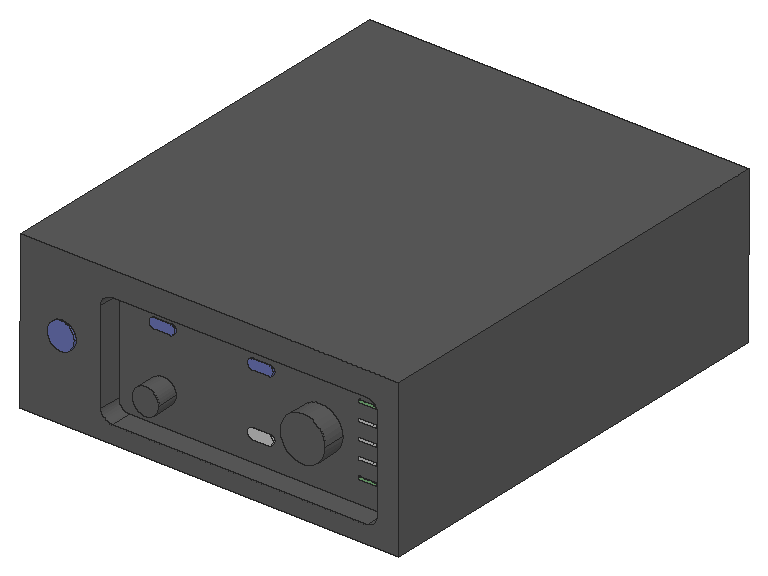
Revit family "1Electronics_Amplifier_Biamp_Commercial-Audio-Mixing-Amplifiers_MA30_MA60", category Communication Devices, host Face, Revit 2020
Family settings
  Host = Face
  Maintain Annotation Orientation = No
  Round Connector Dimension = Use Diameter
  Part Type = Normal
  OmniClass Number = 23.85.10.11.14
  OmniClass Title = Audio Equipment
  Cut with Voids When Loaded = No
  Shared = No
  Room Calculation Point = No
Parameters (values of type "MA30")
  Width = 0' - 8.50394"  # constant formula
  Weight = 5.29109 lbf  # constant formula
  Voltage = 120 V  # constant formula
  UTMK-1 = UTMK-1 : UTMK-1
  URL = "https://www.biamp.com/"
  Topology = "Class D"  # constant formula
  Time to Auto Standby = "10 min"  # constant formula
  Temperature Range = "32 - 95° F (0 – 35° C) "  # constant formula
  THD+N (@ -6dB) = "< 0.5%"  # constant formula
  SNR (1% THD) = "> 90 dB"  # constant formula
  Rotation Angle [instance] = if(or([Nominal RMK-1], [Nominal RMK-2]), 0.00°, 90.00°)  # 90.00°
  RMS Output Power (1% THD) = "30 W"  # constant formula
  RMK-2 = RMK-2 : RMK-2
  RMK-1 = RMK-1 : RMK-1
  Protection = "Temperature, overcurrent,overvoltage, undervoltage"  # constant formula
  Product data url = "https://www.bimobject.com/biamp/product/ma30_commercial-audio-mixing-amplifier"
  Product Page URL = "https://www.biamp.com/products/product-families/commercial-audio/mixing-amplifiers#ma30"
  Product Documentation Link = "https://downloads.biamp.com/assets/docs/default-source/data-sheets/biamp_data_sheet_ma30_feb21.pdf"
  Priority Output Contact = "Yes"  # constant formula
  Power Factor = 1
  Output Connectors = "4-pin, 0.3 inch (7.6 mm) Euroblock"  # constant formula
  Offset_X [instance] = if([Nominal RMK-1], 0' 4.80315", if([Nominal RMK-2], 0' 4.80315", if([Nominal UTMK-1], 0' 0", if(Nominal No mount, 0' 0", 0' 0"))))  # 0' - 0"
  Offset [instance] = if([Nominal RMK-1], 0' 0", if([Nominal RMK-2], 0' 0", if([Nominal UTMK-1], 0' 0", if(Nominal No mount, 0' 0.3937", 0' 0"))))  # 0' - 0.3937"
  Number of Poles = 1
  Number of Output Channels = "1"  # constant formula
  Nominal UTMK-1 [instance] = Mount Type = [UTMK-1]  # no
  Nominal RMK-2 [instance] = Mount Type = [RMK-2]  # no
  Nominal RMK-1 [instance] = Mount Type = [RMK-1]  # no
  Nominal No mount [instance] = Mount Type = No mount  # yes
  Mount Type [instance] = No mount : No mount
  No mount = No mount : No mount
  Model = "MA30"
  Minimum Operational Load = "4Ω"  # constant formula
  Mic (RCA) = "-46 dBV (5 mVrms ± 10%)"  # constant formula
  Mic (Balanced, VOX of) = "-70 dBV (0.3 mVrms ± 10%)"  # constant formula
  Max Power Consumption = 60 W
  Manufacturer = "Biamp"  # constant formula
  Low Impedance Mode = "Yes"  # constant formula
  Inputs 1-2 = "-44 dBV (6 mVrms ± 10%)"  # constant formula
  Humidity = "0-95% relative humidity (non-condensing)"  # constant formula
  Housing Material = Biamp - Metal - Black
  Height = 0' - 3.50394"  # constant formula
  Front Panel Indicators = "Signal present, clipping, overload condition, emergency mode active, paging active, VOX active"  # constant formula
  Dynamic Power = "35 W"  # constant formula
  Description = "MA30 30W Mixing Amplifier"
  Depth = 0' - 9.84252"  # constant formula
  Default Elevation = 4' - 0"
  Cooling = "Convection"  # constant formula
  Connector Description = "100-240V/50-60Hz/60W"
  Compliance = "FCC Part 15B (USA) UL listed (USA and Canada) CE Marked (Europe) RoHS Directive (Europe)"  # constant formula
  Apparent Load = Max Power Consumption / Power Factor  # 60 VA
  Altitude = "0-6,600 ft (0-2000m) MSL"  # constant formula
Types (2): name | Product data url | Product Page URL | Product Documentation Link | Model | Max Power Consumption | Description | Connector Description | Apparent Load
  MA30 | "https://www.bimobject.com/biamp/product/ma30_commercial-audio-mixing-amplifier" | "https://www.biamp.com/products/product-families/commercial-audio/mixing-amplifiers#ma30" | "https://downloads.biamp.com/assets/docs/default-source/data-sheets/biamp_data_sheet_ma30_feb21.pdf" | "MA30" | 60 W | "MA30 30W Mixing Amplifier" | "100-240V/50-60Hz/60W" | 60 VA
  MA60 | "https://www.bimobject.com/biamp/product/ma60_commercial-audio-mixing-amplifier" | "https://www.biamp.com/products/product-families/commercial-audio/mixing-amplifiers#ma60" | "https://downloads.biamp.com/assets/docs/default-source/data-sheets/biamp_data_sheet_ma60_feb21.pdf" | "MA60" | 100 W | "MA60 60W Mixing Amplifier" | "100-240V/50-60Hz/100W" | 100 VA
Reference planes (in)
  plane 1 "Center (Front/Back)": y = 0
  plane 2: z = 0
  plane 3 "Center (Left/Right)": x = 0
  plane 4: z = 0.3937
Lines and regions (in)
  reference lines
    curve 1: line (0, 2.3622, 0.3937) -> (0, 0, 0.3937)
    curve 2: line (0, 12.20912, 0) -> (0, 14.76818, 0)
Dimensions and locks (in)
  "Offset": plane 4 to plane 2
  "Offset_X": plane 3 "Center (Left/Right)" to curve 2
  "Rotation Angle": angle curve 1 to plane 1 "Center (Front/Back)"
  aligned and locked: plane 2 to host face
  aligned and locked: level to host face
  aligned and locked: plane 1 "Center (Front/Back)" to curve 1
  aligned and locked: plane 4 to curve 1
  aligned and locked: nested 1 to curve 2
Automatic sketch dimensions
  host sketch curve to host sketch curve = 8' - 0"  (x2)
  curve 2 to plane 1 "Center (Front/Back)" = 1' - 0.20912"
  curve 2 to curve 2 = 0' - 2.55906"
Nested families (in)
  nested 1: "Electronics_Commercial-Audio_Biamp_Mixing-Amplifier_MA30_MA60" at (0, 4.82126, 0.3937), type "Electronics_Commercial-Audio_Biamp_Mixing-Amplifier_MA30_MA60"
  nested 2: "No mount" at (0, -0.07874, 0.3937), type <- "Mount Type", type "No mount"
Connectors (in)
  electrical at (-3.27286, 9.72126, 1.61305), driven by "Number of Poles", driven by "Voltage", driven by "Apparent Load", driven by "Power Factor", driven by "Connector Description"
    settings: on nested 1, index 1, voltage 120 V, apparent load 0 VA, apparent load phase1 60 VA, apparent load phase2 0 VA, apparent load phase3 0 VA, power factor 1, load classification "Other", number of poles 1, system type 31, power factor state 1, is connector primary yes, connector utility no, sub classification motor no, connector description "100-240V/50-60Hz/60W"
  electrical at (-0.21296, 9.81345, 2.58351)
    settings: on nested 1, index 2, voltage 0 V, apparent load 0 VA, apparent load phase1 0 VA, apparent load phase2 0 VA, apparent load phase3 0 VA, power factor 1, load classification "Other", number of poles 1, system type 5, power factor state 1, is connector primary no, connector utility no, sub classification motor no, connector description "RCA; Input1 L"
  electrical at (-0.78362, 9.81345, 2.58351)
    settings: on nested 1, index 3, voltage 0 V, apparent load 0 VA, apparent load phase1 0 VA, apparent load phase2 0 VA, apparent load phase3 0 VA, power factor 1, load classification "Other", number of poles 1, system type 5, power factor state 1, is connector primary no, connector utility no, sub classification motor no, connector description "RCA; Input1 R"
  electrical at (-1.71489, 9.88667, 2.5678)
    settings: on nested 1, index 4, voltage 0 V, apparent load 0 VA, apparent load phase1 0 VA, apparent load phase2 0 VA, apparent load phase3 0 VA, power factor 1, load classification "Other", number of poles 1, system type 5, power factor state 1, is connector primary no, connector utility no, sub classification motor no, connector description "Euroblock 4 pole; Speaker out"
  electrical at (3.14008, 9.88667, 2.08884)
    settings: on nested 1, index 5, voltage 0 V, apparent load 0 VA, apparent load phase1 0 VA, apparent load phase2 0 VA, apparent load phase3 0 VA, power factor 1, load classification "Other", number of poles 1, system type 5, power factor state 1, is connector primary no, connector utility no, sub classification motor no, connector description "Euroblock 5 pole; Emergency in"
  electrical at (1.93415, 9.88667, 2.08884)
    settings: on nested 1, index 6, voltage 0 V, apparent load 0 VA, apparent load phase1 0 VA, apparent load phase2 0 VA, apparent load phase3 0 VA, power factor 1, load classification "Other", number of poles 1, system type 5, power factor state 1, is connector primary no, connector utility no, sub classification motor no, connector description "Euroblock 5 pole; Paging mic"
  electrical at (0.70951, 9.88667, 2.08884)
    settings: on nested 1, index 7, voltage 0 V, apparent load 0 VA, apparent load phase1 0 VA, apparent load phase2 0 VA, apparent load phase3 0 VA, power factor 1, load classification "Other", number of poles 1, system type 5, power factor state 1, is connector primary no, connector utility no, sub classification motor no, connector description "Euroblock 3 pole; Mic"
  electrical at (3.15196, 9.88667, 1.11817)
    settings: on nested 1, index 8, voltage 0 V, apparent load 0 VA, apparent load phase1 0 VA, apparent load phase2 0 VA, apparent load phase3 0 VA, power factor 1, load classification "Other", number of poles 1, system type 5, power factor state 1, is connector primary no, connector utility no, sub classification motor no, connector description "Euroblock 2 pole; Priority out"
  electrical at (1.00066, 9.81345, 0.94583)
    settings: on nested 1, index 9, voltage 0 V, apparent load 0 VA, apparent load phase1 0 VA, apparent load phase2 0 VA, apparent load phase3 0 VA, power factor 1, load classification "Other", number of poles 1, system type 5, power factor state 1, is connector primary no, connector utility no, sub classification motor no, connector description "RCA; Mic L"
  electrical at (0.43, 9.81345, 0.94583)
    settings: on nested 1, index 10, voltage 0 V, apparent load 0 VA, apparent load phase1 0 VA, apparent load phase2 0 VA, apparent load phase3 0 VA, power factor 1, load classification "Other", number of poles 1, system type 5, power factor state 1, is connector primary no, connector utility no, sub classification motor no, connector description "RCA; Mic R"
  electrical at (-0.21296, 9.81345, 0.94583)
    settings: on nested 1, index 11, voltage 0 V, apparent load 0 VA, apparent load phase1 0 VA, apparent load phase2 0 VA, apparent load phase3 0 VA, power factor 1, load classification "Other", number of poles 1, system type 5, power factor state 1, is connector primary no, connector utility no, sub classification motor no, connector description "RCA; Input2 L"
  electrical at (-0.78362, 9.81345, 0.94583)
    settings: on nested 1, index 12, voltage 0 V, apparent load 0 VA, apparent load phase1 0 VA, apparent load phase2 0 VA, apparent load phase3 0 VA, power factor 1, load classification "Other", number of poles 1, system type 5, power factor state 1, is connector primary no, connector utility no, sub classification motor no, connector description "RCA; Input2 R"
  electrical at (-1.70515, 9.81345, 0.94583)
    settings: on nested 1, index 13, voltage 0 V, apparent load 0 VA, apparent load phase1 0 VA, apparent load phase2 0 VA, apparent load phase3 0 VA, power factor 1, load classification "Other", number of poles 1, system type 5, power factor state 1, is connector primary no, connector utility no, sub classification motor no, connector description "RCA; Pre out"
Definition of nested family "Electronics_Commercial-Audio_Biamp_Mixing-Amplifier_MA30_MA60"
  Parameters (values of type "Electronics_Commercial-Audio_Biamp_Mixing-Amplifier_MA30_MA60")
    Housing Material = none
    Default Elevation = 4' - 0"
    3 = 0' - 3 1/2"
    2 = 0' - 9.8"
    1 = 0' - 8 1/2"
  Reference planes (in)
    plane 1 "Center (Front/Back)": y = 0
    plane 2: z = 0
    plane 3 "Center (Left/Right)": x = 0
    plane 4: x = -4.25
    plane 5: x = 4.25
    plane 6: y = 4.9
    plane 7: y = -4.9
    plane 8: z = 3.5
  Forms (in)
    Extrusion 1, solid
      sketch origin (0, 0, 0) x (1, 0, 0) y (0, 1, 0)
        loop
          line (-48, 48) -> (-48, -48) -> (48, -48) -> (48, 48) -> (-48, 48)
      from 0 to -12
    Extrusion 2, solid, material <- "Housing Material", detail levels medium+fine
      sketch origin (0, 0, 0) x (1, 0, 0) y (0, 1, 0)
        loop
          line (-4.25, 4.9) -> (-4.25, -4.9) -> (4.25, -4.9) -> (4.25, 4.9) -> (-4.25, 4.9)
      from 0 to 3.5
    Extrusion 3, void
      sketch origin (0, 0, 0) x (1, 0, 0) y (0, 0, 1)
        loop
          line (-2.18729, 0.38942) -> (3.5236, 0.38942)
          arc (3.5236, 0.38942) -> (3.70038, 0.46265) -> (3.7736, 0.63942) r 0.25
          line (3.7736, 0.63942) -> (3.7736, 2.70572)
          arc (3.7736, 2.70572) -> (3.70038, 2.88249) -> (3.5236, 2.95572) r 0.25
          line (3.5236, 2.95572) -> (-2.18729, 2.95572)
          arc (-2.18729, 2.95572) -> (-2.36407, 2.88249) -> (-2.43729, 2.70572) r 0.25
          line (-2.43729, 2.70572) -> (-2.43729, 0.63942)
          arc (-2.43729, 0.63942) -> (-2.36407, 0.46265) -> (-2.18729, 0.38942) r 0.25
      from 4.4149 to 4.9
    Extrusion 4, solid, material <- "Housing Material", detail levels medium+fine
      sketch origin (0, 0, 0) x (1, 0, 0) y (0, 0, 1)
        loop
          circle (2.09347, 1.6102) r 0.5
      from 4.4149 to 4.9
    Extrusion 5, solid, material <- "Housing Material", detail levels medium+fine
      sketch origin (0, 0, 0) x (1, 0, 0) y (0, 0, 1)
        loop
          circle (-1.43953, 1.12198) r 0.29325
      from 4.4149 to 4.9
    Extrusion 6, solid, detail levels medium+fine
      sketch origin (0, 0, 0) x (1, 0, 0) y (0, 0, 1)
        loop
          arc (-1.6078, 2.54225) -> (-1.72206, 2.42799) -> (-1.6078, 2.31373) r 0.11426
          line (-1.6078, 2.31373) -> (-1.25893, 2.31373)
          arc (-1.25893, 2.31373) -> (-1.14468, 2.42799) -> (-1.25893, 2.54225) r 0.11426
          line (-1.25893, 2.54225) -> (-1.6078, 2.54225)
      from 4.4149 to 4.43966
    Extrusion 7, solid, detail levels medium+fine
      sketch origin (2.21037, 0, -0.04688) x (1, 0, 0) y (0, 0, 1)
        loop
          arc (-1.6078, 2.54225) -> (-1.72206, 2.42799) -> (-1.6078, 2.31373) r 0.11426
          line (-1.6078, 2.31373) -> (-1.25893, 2.31373)
          arc (-1.25893, 2.31373) -> (-1.14468, 2.42799) -> (-1.25893, 2.54225) r 0.11426
          line (-1.25893, 2.54225) -> (-1.6078, 2.54225)
      from 4.4149 to 4.43966
    Extrusion 8, solid, detail levels medium+fine
      sketch origin (2.21037, 0, -1.44122) x (1, 0, 0) y (0, 0, 1)
        loop
          arc (-1.6078, 2.54225) -> (-1.72206, 2.42799) -> (-1.6078, 2.31373) r 0.11426
          line (-1.6078, 2.31373) -> (-1.25893, 2.31373)
          arc (-1.25893, 2.31373) -> (-1.14468, 2.42799) -> (-1.25893, 2.54225) r 0.11426
          line (-1.25893, 2.54225) -> (-1.6078, 2.54225)
      from 4.4149 to 4.43966
    Extrusion 9, solid, detail levels medium+fine
      sketch origin (4.58447, 0, -1.48463) x (1, 0, 0) y (0, 0, 1)
        loop
          arc (-1.59218, 2.44689) -> (-1.62354, 2.41554) -> (-1.59218, 2.38418) r 0.03136
          line (-1.59218, 2.38418) -> (-1.2355, 2.38418)
          arc (-1.2355, 2.38418) -> (-1.20414, 2.41554) -> (-1.2355, 2.44689) r 0.03136
          line (-1.2355, 2.44689) -> (-1.59218, 2.44689)
      from 4.4149 to 4.42505
    Extrusion 10, solid, detail levels medium+fine
      sketch origin (4.58447, 0, -1.0914) x (1, 0, 0) y (0, 0, 1)
        loop
          arc (-1.59218, 2.44689) -> (-1.62354, 2.41554) -> (-1.59218, 2.38418) r 0.03136
          line (-1.59218, 2.38418) -> (-1.2355, 2.38418)
          arc (-1.2355, 2.38418) -> (-1.20414, 2.41554) -> (-1.2355, 2.44689) r 0.03136
          line (-1.2355, 2.44689) -> (-1.59218, 2.44689)
      from 4.4149 to 4.42505
    Extrusion 11, solid, detail levels medium+fine
      sketch origin (4.58447, 0, -0.70819) x (1, 0, 0) y (0, 0, 1)
        loop
          arc (-1.59218, 2.44689) -> (-1.62354, 2.41554) -> (-1.59218, 2.38418) r 0.03136
          line (-1.59218, 2.38418) -> (-1.2355, 2.38418)
          arc (-1.2355, 2.38418) -> (-1.20414, 2.41554) -> (-1.2355, 2.44689) r 0.03136
          line (-1.2355, 2.44689) -> (-1.59218, 2.44689)
      from 4.4149 to 4.42505
    Extrusion 12, solid, detail levels medium+fine
      sketch origin (4.58447, 0, -0.32694) x (1, 0, 0) y (0, 0, 1)
        loop
          arc (-1.59218, 2.44689) -> (-1.62354, 2.41554) -> (-1.59218, 2.38418) r 0.03136
          line (-1.59218, 2.38418) -> (-1.2355, 2.38418)
          arc (-1.2355, 2.38418) -> (-1.20414, 2.41554) -> (-1.2355, 2.44689) r 0.03136
          line (-1.2355, 2.44689) -> (-1.59218, 2.44689)
      from 4.4149 to 4.42505
    Extrusion 13, solid, detail levels medium+fine
      sketch origin (4.58447, 0, 0.06017) x (1, 0, 0) y (0, 0, 1)
        loop
          arc (-1.59218, 2.44689) -> (-1.62354, 2.41554) -> (-1.59218, 2.38418) r 0.03136
          line (-1.59218, 2.38418) -> (-1.2355, 2.38418)
          arc (-1.2355, 2.38418) -> (-1.20414, 2.41554) -> (-1.2355, 2.44689) r 0.03136
          line (-1.2355, 2.44689) -> (-1.59218, 2.44689)
      from 4.4149 to 4.42505
    Extrusion 14, solid, detail levels medium+fine
      sketch origin (0, 0, 0) x (1, 0, 0) y (0, 0, 1)
        loop
          circle (-3.30928, 1.79719) r 0.30327
      from 4.9 to 4.9334
    Extrusion 15, void
      sketch origin (0, 0, 0) x (1, 0, 0) y (0, 0, 1)
        loop
          line (-2.97532, 0.86406) -> (-2.78503, 1.05435) -> (-2.78503, 1.42962)
          arc (-2.78503, 1.42962) -> (-2.80466, 1.49098) -> (-2.85626, 1.52955) r 0.10571
          line (-2.85626, 1.52955) -> (-3.68937, 1.52955)
          arc (-3.68937, 1.52955) -> (-3.74097, 1.49098) -> (-3.7606, 1.42962) r 0.10571
          line (-3.7606, 1.42962) -> (-3.7606, 1.054) -> (-3.57065, 0.86406) -> (-2.97532, 0.86406)
      from -4.9 to -4.52173
    Extrusion 16, solid, detail levels medium+fine
      sketch origin (0, 0, 0) x (1, 0, 0) y (0, 0, 1)
        loop
          line (3.35713, 0.40555) -> (3.35713, 1.0434) -> (2.94678, 1.0434) -> (2.94678, 0.40555) -> (3.35713, 0.40555)
      from -5.06541 to -4.9
    Extrusion 17, solid, detail levels medium+fine
      sketch origin (0, 0, 0.96127) x (1, 0, 0) y (0, 0, 1)
        loop
          line (3.65432, 0.42434) -> (3.65432, 1.0434) -> (2.62584, 1.0434) -> (2.62584, 0.42434) -> (3.65432, 0.42434)
      from -5.06541 to -4.9
    Extrusion 18, solid, detail levels medium+fine
      sketch origin (-1.20593, 0, 0.96127) x (1, 0, 0) y (0, 0, 1)
        loop
          line (3.65432, 0.42434) -> (3.65432, 1.0434) -> (2.62584, 1.0434) -> (2.62584, 0.42434) -> (3.65432, 0.42434)
      from -5.06541 to -4.9
    Extrusion 19, solid, detail levels medium+fine
      sketch origin (-2.41643, 0, 0.96127) x (1, 0, 0) y (0, 0, 1)
        loop
          line (3.42336, 0.42434) -> (3.42336, 1.0434) -> (2.82852, 1.0434) -> (2.82852, 0.42434) -> (3.42336, 0.42434)
      from -5.06541 to -4.9
    Extrusion 20, solid, detail levels medium+fine
      sketch origin (-4.73405, 0, 1.44307) x (1, 0, 0) y (0, 0, 1)
        loop
          line (3.42336, 0.42434) -> (3.42336, 1.03771) -> (2.61495, 1.03771) -> (2.61495, 0.42434) -> (3.42336, 0.42434)
      from -5.06541 to -4.9
    Extrusion 21, solid, detail levels medium+fine
      sketch origin (0, 0, 0) x (1, 0, 0) y (0, 0, 1)
        loop
          circle (1.00066, 0.55213) r 0.15649
      from -4.99219 to -4.9
    Extrusion 22, solid, detail levels medium+fine
      sketch origin (-0.57066, 0, 0) x (1, 0, 0) y (0, 0, 1)
        loop
          circle (1.00066, 0.55213) r 0.15649
      from -4.99219 to -4.9
    Extrusion 23, solid, detail levels medium+fine
      sketch origin (-1.21363, 0, 0) x (1, 0, 0) y (0, 0, 1)
        loop
          circle (1.00066, 0.55213) r 0.15649
      from -4.99219 to -4.9
    Extrusion 24, solid, detail levels medium+fine
      sketch origin (-1.78429, 0, 0) x (1, 0, 0) y (0, 0, 1)
        loop
          circle (1.00066, 0.55213) r 0.15649
      from -4.99219 to -4.9
    Extrusion 25, solid, detail levels medium+fine
      sketch origin (-2.70581, 0, 0) x (1, 0, 0) y (0, 0, 1)
        loop
          circle (1.00066, 0.55213) r 0.15649
      from -4.99219 to -4.9
    Extrusion 26, solid, detail levels medium+fine
      sketch origin (-1.21363, 0, 1.63768) x (1, 0, 0) y (0, 0, 1)
        loop
          circle (1.00066, 0.55213) r 0.15649
      from -4.99219 to -4.9
    Extrusion 27, solid, detail levels medium+fine
      sketch origin (-1.78429, 0, 1.63768) x (1, 0, 0) y (0, 0, 1)
        loop
          circle (1.00066, 0.55213) r 0.15649
      from -4.99219 to -4.9
    Extrusion 28, solid, material <- "Housing Material", detail levels medium+fine
      sketch origin (0, 0, 0) x (1, 0, 0) y (0, 0, 1)
        loop
          line (-2.86027, 2.64811) -> (-3.68248, 2.64811) -> (-3.68248, 2.04353) -> (-2.86027, 2.04353) -> (-2.86027, 2.64811)
      from -4.92938 to -4.9
    Extrusion 29, solid, material <- "Housing Material", detail levels medium+fine
      sketch origin (-2.86808, 0, 2.64811) x (-1, 0, 0) y (0, -1, 0)
        loop
          arc (0.02716, -4.92938) -> (0.41054, -5.02925) -> (0.77716, -5.17938) r 2.96211
          line (0.77716, -5.17938) -> (0.77716, -4.92938) -> (0.02716, -4.92938)
      from -0.53646 to -0.03771
    Extrusion 30, solid, material <- "Housing Material", detail levels medium+fine
      sketch origin (0, 0, 0) x (1, 0, 0) y (0, 0, 1)
        loop
          circle (3.50798, 2.94009) r 0.10591
      from -5.12066 to -4.9
    Extrusion 31, solid, material <- "Housing Material", detail levels medium+fine
      sketch origin (-1.2153, 0, 0) x (1, 0, 0) y (0, 0, 1)
        loop
          circle (3.50798, 2.94009) r 0.10591
      from -5.12066 to -4.9
    Extrusion 32, solid, material <- "Housing Material", detail levels medium+fine
      sketch origin (-1.95749, 0, 0) x (1, 0, 0) y (0, 0, 1)
        loop
          circle (3.50798, 2.94009) r 0.10591
      from -5.12066 to -4.9
    Extrusion 33, solid, material <- "Housing Material", detail levels medium+fine
      sketch origin (-1.2153, 0, -0.59403) x (1, 0, 0) y (0, 0, 1)
        loop
          circle (3.50798, 2.94009) r 0.10591
      from -5.12066 to -4.9
    Extrusion 34, solid, material <- "Housing Material", detail levels medium+fine
      sketch origin (-1.95749, 0, -0.59403) x (1, 0, 0) y (0, 0, 1)
        loop
          circle (3.5236, 2.95572) r 0.12884
      from -4.92938 to -4.9
    Extrusion 35, solid, material <- "Housing Material", detail levels medium+fine
      sketch origin (-2.44967, 0, 0) x (1, 0, 0) y (0, 0, 1)
        loop
          circle (3.50798, 2.94009) r 0.10591
      from -5.12066 to -4.9
    Extrusion 36, solid, material <- "Housing Material", detail levels medium+fine
      sketch origin (-3.16061, 0, 0) x (1, 0, 0) y (0, 0, 1)
        loop
          circle (3.50798, 2.94009) r 0.10591
      from -5.12066 to -4.9
    Extrusion 37, solid, material <- "Housing Material", detail levels medium+fine
      sketch origin (-3.63556, 0, 0) x (1, 0, 0) y (0, 0, 1)
        loop
          circle (3.50798, 2.94009) r 0.10591
      from -5.12066 to -4.9
    Extrusion 38, solid, material <- "Housing Material", detail levels medium+fine
      sketch origin (-4.84041, 0, 0) x (1, 0, 0) y (0, 0, 1)
        loop
          circle (3.50798, 2.94009) r 0.10591
      from -5.12066 to -4.9
    Extrusion 39, solid, material <- "Housing Material", detail levels medium+fine
      sketch origin (-5.55916, 0, 0) x (1, 0, 0) y (0, 0, 1)
        loop
          circle (3.50798, 2.94009) r 0.10591
      from -5.12066 to -4.9
    Extrusion 40, solid, material <- "Housing Material", detail levels medium+fine
      sketch origin (0, 0, 0) x (1, 0, 0) y (0, 0, 1)
        loop
          line (1.95245, 0.55071) -> (1.95245, 0.70916) -> (1.74226, 0.70916) -> (1.74226, 0.55071) -> (1.95245, 0.55071)
      from -4.9515 to -4.9
    Extrusion 41, solid, material <- "Housing Material", detail levels coarse
      sketch origin (-2.86808, 0, 2.64811) x (-1, 0, 0) y (0, -1, 0)
        loop
          line (1.38192, 4.9) -> (-7.11808, 4.9) -> (-7.11808, -5.06541) -> (1.38192, -5.06541) -> (1.38192, 4.9)
      from -2.64811 to 0.85189
  Cuts and joins
    Extrusion 3, Extrusion 15 cuts Extrusion 2
    Extrusion 15 cuts Extrusion 14
  Lines and regions (in)
    Masking region 1
      outline origin (0, 0, 0) x (1, 0, 0) y (0, 1, 0)
        loop
          line (-4.25, 5.06541) -> (-4.25, -4.9) -> (4.25, -4.9) -> (4.25, 5.06541) -> (-4.25, 5.06541)
    Masking region 2
      outline origin (0, 0, 0) x (1, 0, 0) y (0, 0, 1)
        loop
          line (-4.25, 3.5) -> (-4.25, 0) -> (4.25, 0) -> (4.25, 3.5) -> (-4.25, 3.5)
    Masking region 3
      outline origin (0, 0, 0) x (1, 0, 0) y (0, 0, 1)
        loop
          line (-2.43729, 2.70572) -> (-2.43729, 0.63942)
          arc (-2.43729, 0.63942) -> (-2.36407, 0.46265) -> (-2.18729, 0.38942) r 0.25
          line (-2.18729, 0.38942) -> (3.5236, 0.38942)
          arc (3.5236, 0.38942) -> (3.70038, 0.46265) -> (3.7736, 0.63942) r 0.25
          line (3.7736, 0.63942) -> (3.7736, 2.70572)
          arc (3.7736, 2.70572) -> (3.70038, 2.88249) -> (3.5236, 2.95572) r 0.25
          line (3.5236, 2.95572) -> (-2.18729, 2.95572)
          arc (-2.18729, 2.95572) -> (-2.36407, 2.88249) -> (-2.43729, 2.70572) r 0.25
        loop
          circle (-3.30928, 1.79719) r 0.30327
    Masking region 4
      outline origin (0, 0, 0) x (1, 0, 0) y (0, 0, 1)
        loop
          circle (-3.30928, 1.79719) r 0.30327
        loop
          circle (-1.43953, 1.12198) r 0.29325
        loop
          circle (2.09347, 1.6102) r 0.5
        loop
          line (0.95144, 2.49537) -> (0.60257, 2.49537)
          arc (0.60257, 2.49537) -> (0.48831, 2.38111) -> (0.60257, 2.26685) r 0.11426
          line (0.60257, 2.26685) -> (0.95144, 2.26685)
          arc (0.95144, 2.26685) -> (1.0657, 2.38111) -> (0.95144, 2.49537) r 0.11426
        loop
          line (0.95144, 1.10103) -> (0.60257, 1.10103)
          arc (0.60257, 1.10103) -> (0.48831, 0.98677) -> (0.60257, 0.87251) r 0.11426
          line (0.60257, 0.87251) -> (0.95144, 0.87251)
          arc (0.95144, 0.87251) -> (1.0657, 0.98677) -> (0.95144, 1.10103) r 0.11426
        loop
          line (3.34897, 2.50707) -> (2.99229, 2.50707)
          arc (2.99229, 2.50707) -> (2.96093, 2.47571) -> (2.99229, 2.44435) r 0.03136
          line (2.99229, 2.44435) -> (3.34897, 2.44435)
          arc (3.34897, 2.44435) -> (3.38033, 2.47571) -> (3.34897, 2.50707) r 0.03136
        loop
          line (3.34897, 2.11995) -> (2.99229, 2.11995)
          arc (2.99229, 2.11995) -> (2.96093, 2.08859) -> (2.99229, 2.05724) r 0.03136
          line (2.99229, 2.05724) -> (3.34897, 2.05724)
          arc (3.34897, 2.05724) -> (3.38033, 2.08859) -> (3.34897, 2.11995) r 0.03136
        loop
          line (3.34897, 1.7387) -> (2.99229, 1.7387)
          arc (2.99229, 1.7387) -> (2.96093, 1.70735) -> (2.99229, 1.67599) r 0.03136
          line (2.99229, 1.67599) -> (3.34897, 1.67599)
          arc (3.34897, 1.67599) -> (3.38033, 1.70735) -> (3.34897, 1.7387) r 0.03136
        loop
          line (2.99229, 1.29278) -> (3.34897, 1.29278)
          arc (3.34897, 1.29278) -> (3.38033, 1.32413) -> (3.34897, 1.35549) r 0.03136
          line (3.34897, 1.35549) -> (2.99229, 1.35549)
          arc (2.99229, 1.35549) -> (2.96093, 1.32413) -> (2.99229, 1.29278) r 0.03136
  Dimensions and locks (in)
    equal spacing: plane 7, plane 1 "Center (Front/Back)", plane 6
    "2": plane 7 to plane 6
    equal spacing: plane 4, plane 3 "Center (Left/Right)", plane 5
    "1": plane 4 to plane 5
    "3": plane 8 to plane 2
    plane 4 to plane 5 = 0' - 8 1/2"
    aligned and locked: plane 2 to Extrusion 1
    aligned and locked: level to Extrusion 1
    aligned and locked: Extrusion 2 sketch curve to plane 6
    aligned and locked: plane 4 to Extrusion 2 sketch curve
    aligned and locked: Extrusion 2 sketch curve to plane 7
    aligned and locked: plane 5 to Extrusion 2 sketch curve
    aligned and locked: plane 8 to Extrusion 2
  Automatic sketch dimensions
    Extrusion 1 sketch curve to Extrusion 1 sketch curve = 8' - 0"  (x2)
    plane 4 to Extrusion 3 sketch curve = 0' - 1.81271"
    Extrusion 3 sketch curve to Extrusion 3 sketch curve = 0' - 0 1/4"  (x3)
    plane 5 to Extrusion 3 sketch curve = 0' - 0.7264"  (x2)
    level to Extrusion 3 sketch curve = 0' - 0.38942"
    Extrusion 3 sketch curve to plane 8 = 0' - 0.79428"
    plane 3 "Center (Left/Right)" to Extrusion 4 sketch curve = 0' - 2.09347"
    level to Extrusion 4 sketch curve = 0' - 1.6102"
    Extrusion 5 sketch curve to plane 3 "Center (Left/Right)" = 0' - 1.43953"
    level to Extrusion 5 sketch curve = 0' - 1.12198"
    Extrusion 6 sketch curve to plane 8 = 0' - 0.95775"
    Extrusion 6 sketch curve to plane 3 "Center (Left/Right)" = 0' - 1.6078"
    Extrusion 6 sketch curve to Extrusion 6 sketch curve = 0' - 0.34887"
    Extrusion 6 sketch curve to Extrusion 6 sketch curve = 0' - 0.11426"
    plane 3 "Center (Left/Right)" to Extrusion 7 sketch curve = 0' - 0.60257"
    Extrusion 7 sketch curve to Extrusion 7 sketch curve = 0' - 0.34887"
    Extrusion 7 sketch curve to plane 8 = 0' - 1.23315"
    Extrusion 7 sketch curve to Extrusion 7 sketch curve = 0' - 0.11426"
    plane 3 "Center (Left/Right)" to Extrusion 8 sketch curve = 0' - 0.60257"
    Extrusion 8 sketch curve to Extrusion 8 sketch curve = 0' - 0.34887"
    level to Extrusion 8 sketch curve = 0' - 0.87251"
    Extrusion 8 sketch curve to Extrusion 8 sketch curve = 0' - 0.11426"
    plane 5 to Extrusion 9 sketch curve = 0' - 1.25771"
    Extrusion 9 sketch curve to Extrusion 9 sketch curve = 0' - 0.35668"
    level to Extrusion 9 sketch curve = 0' - 0.89956"
    Extrusion 9 sketch curve to Extrusion 9 sketch curve = 0' - 0.03136"
    plane 5 to Extrusion 10 sketch curve = 0' - 1.25771"
    Extrusion 10 sketch curve to Extrusion 10 sketch curve = 0' - 0.35668"
    level to Extrusion 10 sketch curve = 0' - 1.29278"
    Extrusion 10 sketch curve to Extrusion 10 sketch curve = 0' - 0.03136"
    plane 5 to Extrusion 11 sketch curve = 0' - 1.25771"
    Extrusion 11 sketch curve to Extrusion 11 sketch curve = 0' - 0.35668"
    level to Extrusion 11 sketch curve = 0' - 1.67599"
    Extrusion 11 sketch curve to Extrusion 11 sketch curve = 0' - 0.03136"
    plane 5 to Extrusion 12 sketch curve = 0' - 1.25771"
    Extrusion 12 sketch curve to Extrusion 12 sketch curve = 0' - 0.35668"
    Extrusion 12 sketch curve to plane 8 = 0' - 1.44276"
    Extrusion 12 sketch curve to Extrusion 12 sketch curve = 0' - 0.03136"
    plane 5 to Extrusion 13 sketch curve = 0' - 1.25771"
    Extrusion 13 sketch curve to Extrusion 13 sketch curve = 0' - 0.35668"
    Extrusion 13 sketch curve to plane 8 = 0' - 1.05565"
    Extrusion 13 sketch curve to Extrusion 13 sketch curve = 0' - 0.03136"
    plane 4 to Extrusion 14 sketch curve = 0' - 0.94072"
    Extrusion 14 sketch curve to plane 8 = 0' - 1.70281"
    plane 4 to Extrusion 15 sketch curve = 0' - 0.4894"
    Extrusion 15 sketch curve to Extrusion 15 sketch curve = 0' - 0.07123"
    Extrusion 15 sketch curve to Extrusion 15 sketch curve = 0' - 0.10571"
    Extrusion 15 sketch curve to Extrusion 15 sketch curve = 0' - 0.18995"  (x2)
    Extrusion 15 sketch curve to Extrusion 15 sketch curve = 0' - 0.59533"
    Extrusion 15 sketch curve to Extrusion 15 sketch curve = 0' - 0.08458"
    Extrusion 15 sketch curve to Extrusion 15 sketch curve = 0' - 0.03449"
    Extrusion 15 sketch curve to Extrusion 15 sketch curve = 0' - 0.19029"  (x2)
    level to Extrusion 15 sketch curve = 0' - 0.86406"
    Extrusion 15 sketch curve to Extrusion 15 sketch curve = 0' - 0.37527"
    level to Extrusion 16 sketch curve = 0' - 0.40555"
    plane 5 to Extrusion 16 sketch curve = 0' - 1.30322"
    Extrusion 16 sketch curve to Extrusion 16 sketch curve = 0' - 0.41035"
    Extrusion 16 sketch curve to Extrusion 16 sketch curve = 0' - 0.63785"
    plane 5 to Extrusion 17 sketch curve = 0' - 1.62416"
    plane 5 to Extrusion 17 sketch curve = 0' - 0.59568"
    level to Extrusion 17 sketch curve = 0' - 1.38561"
    Extrusion 17 sketch curve to Extrusion 17 sketch curve = 0' - 0.61906"
    plane 3 "Center (Left/Right)" to Extrusion 18 sketch curve = 0' - 1.41991"
    Extrusion 18 sketch curve to Extrusion 18 sketch curve = 0' - 1.02848"
    level to Extrusion 18 sketch curve = 0' - 1.38561"
    Extrusion 18 sketch curve to Extrusion 18 sketch curve = 0' - 0.61906"
    plane 3 "Center (Left/Right)" to Extrusion 19 sketch curve = 0' - 0.41209"
    Extrusion 19 sketch curve to Extrusion 19 sketch curve = 0' - 0.59485"
    level to Extrusion 19 sketch curve = 0' - 1.38561"
    Extrusion 19 sketch curve to Extrusion 19 sketch curve = 0' - 0.61906"
    Extrusion 20 sketch curve to plane 3 "Center (Left/Right)" = 0' - 2.1191"
    Extrusion 20 sketch curve to Extrusion 20 sketch curve = 0' - 0.80841"
    Extrusion 20 sketch curve to plane 8 = 0' - 1.63258"
    Extrusion 20 sketch curve to Extrusion 20 sketch curve = 0' - 0.61336"
    plane 3 "Center (Left/Right)" to Extrusion 21 sketch curve = 0' - 1.00066"
    level to Extrusion 21 sketch curve = 0' - 0.55213"
    plane 3 "Center (Left/Right)" to Extrusion 22 sketch curve = 0' - 0.43"
    level to Extrusion 22 sketch curve = 0' - 0.55213"
    Extrusion 23 sketch curve to plane 3 "Center (Left/Right)" = 0' - 0.21296"
    level to Extrusion 23 sketch curve = 0' - 0.55213"
    Extrusion 24 sketch curve to plane 3 "Center (Left/Right)" = 0' - 0.78362"
    level to Extrusion 24 sketch curve = 0' - 0.55213"
    level to Extrusion 25 sketch curve = 0' - 0.55213"
    Extrusion 25 sketch curve to plane 3 "Center (Left/Right)" = 0' - 1.70515"
    Extrusion 26 sketch curve to plane 3 "Center (Left/Right)" = 0' - 0.21296"
    Extrusion 26 sketch curve to plane 8 = 0' - 1.31019"
    Extrusion 27 sketch curve to plane 3 "Center (Left/Right)" = 0' - 0.78362"
    Extrusion 27 sketch curve to plane 8 = 0' - 1.31019"
    plane 4 to Extrusion 28 sketch curve = 0' - 0.56752"
    Extrusion 28 sketch curve to Extrusion 28 sketch curve = 0' - 0.82221"
    Extrusion 28 sketch curve to plane 8 = 0' - 1.45647"
    Extrusion 28 sketch curve to Extrusion 28 sketch curve = 0' - 0.60458"
    Extrusion 28 to Extrusion 29 sketch curve = 0' - 0"
    Extrusion 29 sketch curve to Extrusion 28 = 0' - 0.51835"
    Extrusion 28 to Extrusion 29 sketch curve = 0' - 0.03497"
    Extrusion 28 to Extrusion 29 sketch curve = 0' - 0.03723"
    Extrusion 29 sketch curve to Extrusion 29 sketch curve = 0' - 0 1/4"
    plane 5 to Extrusion 30 sketch curve = 0' - 0.74202"
    Extrusion 30 sketch curve to plane 8 = 0' - 0.55991"
    Extrusion 31 sketch curve to plane 8 = 0' - 0.55991"
    plane 5 to Extrusion 31 sketch curve = 0' - 1.95732"
    Extrusion 32 sketch curve to plane 8 = 0' - 0.55991"
    plane 3 "Center (Left/Right)" to Extrusion 32 sketch curve = 0' - 1.55049"
    plane 5 to Extrusion 33 sketch curve = 0' - 1.95732"
    Extrusion 33 sketch curve to plane 8 = 0' - 1.15394"
    plane 3 "Center (Left/Right)" to Extrusion 34 sketch curve = 0' - 1.56611"
    Extrusion 34 sketch curve to plane 8 = 0' - 1.13832"
    plane 3 "Center (Left/Right)" to Extrusion 35 sketch curve = 0' - 1.0583"
    Extrusion 35 sketch curve to plane 8 = 0' - 0.55991"
    plane 3 "Center (Left/Right)" to Extrusion 36 sketch curve = 0' - 0.34736"
    Extrusion 36 sketch curve to plane 8 = 0' - 0.55991"
    Extrusion 37 sketch curve to plane 3 "Center (Left/Right)" = 0' - 0.12759"
    Extrusion 37 sketch curve to plane 8 = 0' - 0.55991"
    Extrusion 38 sketch curve to plane 8 = 0' - 0.55991"
    Extrusion 38 sketch curve to plane 3 "Center (Left/Right)" = 0' - 1.33243"
    Extrusion 39 sketch curve to plane 8 = 0' - 0.55991"
    Extrusion 39 sketch curve to plane 3 "Center (Left/Right)" = 0' - 2.05118"
    level to Extrusion 40 sketch curve = 0' - 0.70916"
    plane 3 "Center (Left/Right)" to Extrusion 40 sketch curve = 0' - 1.74226"
    Extrusion 40 sketch curve to Extrusion 40 sketch curve = 0' - 0.21019"
    Extrusion 40 sketch curve to Extrusion 40 sketch curve = 0' - 0.15845"
    Extrusion 28 to Extrusion 41 sketch curve = 0' - 0.16541"
    Extrusion 41 sketch curve to Extrusion 28 = 0' - 7.11027"
    Extrusion 41 sketch curve to Extrusion 28 = 0' - 0.56752"
    Extrusion 41 sketch curve to Extrusion 28 = 0' - 9.8"
    Masking region 1 sketch curve to plane 4 = 0' - 0"
    Masking region 1 sketch curve to plane 5 = 0' - 0"
    plane 7 to Masking region 1 sketch curve = 0' - 0"
    plane 6 to Masking region 1 sketch curve = 0' - 0.16541"
    Masking region 2 sketch curve to level = 0' - 0"
    Masking region 2 sketch curve to plane 4 = 0' - 0"
    plane 5 to Masking region 2 sketch curve = 0' - 0"
    Masking region 2 sketch curve to plane 8 = 0' - 0"
    Masking region 3 sketch curve to plane 8 = 0' - 0.79428"
    plane 4 to Masking region 3 sketch curve = 0' - 1.81271"
    Masking region 3 sketch curve to Masking region 3 sketch curve = 0' - 0 1/4"  (x3)
    plane 5 to Masking region 3 sketch curve = 0' - 0.7264"  (x2)
    level to Masking region 3 sketch curve = 0' - 0.63942"
    Masking region 3 sketch curve to Masking region 3 sketch curve = 0' - 0"  (x2)
    plane 4 to Masking region 3 sketch curve = 0' - 0.94072"
    Masking region 3 sketch curve to Masking region 3 sketch curve = 0' - 0.90852"
    Masking region 3 sketch curve to Masking region 3 sketch curve = 0' - 0.30327"
    plane 4 to Masking region 4 sketch curve = 0' - 0.94072"
    Masking region 4 sketch curve to plane 8 = 0' - 1.70281"
    Masking region 4 sketch curve to Masking region 4 sketch curve = 0' - 0.30327"
    Masking region 4 sketch curve to plane 3 "Center (Left/Right)" = 0' - 1.43953"
    level to Masking region 4 sketch curve = 0' - 1.12198"
    Masking region 4 sketch curve to Masking region 4 sketch curve = 0' - 0.29325"
    plane 3 "Center (Left/Right)" to Masking region 4 sketch curve = 0' - 2.09347"
    level to Masking region 4 sketch curve = 0' - 1.6102"
    Masking region 4 sketch curve to Masking region 4 sketch curve = 0' - 0 1/2"
    plane 3 "Center (Left/Right)" to Masking region 4 sketch curve = 0' - 0.60257"  (x2)
    Masking region 4 sketch curve to Masking region 4 sketch curve = 0' - 0.34887"  (x2)
    Masking region 4 sketch curve to Masking region 4 sketch curve = 0' - 0.65665"
    Masking region 4 sketch curve to Masking region 4 sketch curve = 0' - 0.11426"  (x2)
    Masking region 4 sketch curve to Masking region 4 sketch curve = 0' - 0.50917"
    Masking region 4 sketch curve to Masking region 4 sketch curve = 0' - 0.39882"
    Masking region 4 sketch curve to Masking region 4 sketch curve = 0' - 0.35668"  (x2)
    Masking region 4 sketch curve to plane 8 = 0' - 1.05565"
    Masking region 4 sketch curve to Masking region 4 sketch curve = 0' - 0.03136"  (x4)
    Masking region 4 sketch curve to Masking region 4 sketch curve = 0' - 0"  (x5)
    Masking region 4 sketch curve to Masking region 4 sketch curve = 0' - 0.38712"
    Masking region 4 sketch curve to Masking region 4 sketch curve = 0' - 0.38125"
    Masking region 4 sketch curve to Masking region 4 sketch curve = 0' - 0.38321"
    radius of Extrusion 4 sketch curve = 0' - 0 1/2"
    radius of Extrusion 5 sketch curve = 0' - 0.29325"
    radius of Extrusion 14 sketch curve = 0' - 0.30327"
    radius of Extrusion 21 sketch curve = 0' - 0.15649"
    radius of Extrusion 22 sketch curve = 0' - 0.15649"
    radius of Extrusion 23 sketch curve = 0' - 0.15649"
    radius of Extrusion 24 sketch curve = 0' - 0.15649"
    radius of Extrusion 25 sketch curve = 0' - 0.15649"
    radius of Extrusion 26 sketch curve = 0' - 0.15649"
    radius of Extrusion 27 sketch curve = 0' - 0.15649"
    radius of Extrusion 30 sketch curve = 0' - 0.10591"
    radius of Extrusion 31 sketch curve = 0' - 0.10591"
    radius of Extrusion 32 sketch curve = 0' - 0.10591"
    radius of Extrusion 33 sketch curve = 0' - 0.10591"
    radius of Extrusion 34 sketch curve = 0' - 0.12884"
    radius of Extrusion 35 sketch curve = 0' - 0.10591"
    radius of Extrusion 36 sketch curve = 0' - 0.10591"
    radius of Extrusion 37 sketch curve = 0' - 0.10591"
    radius of Extrusion 38 sketch curve = 0' - 0.10591"
    radius of Extrusion 39 sketch curve = 0' - 0.10591"
  Connectors (in)
    electrical at (-1.71489, 5.06541, 2.1741)
      settings: on Extrusion 20, index 2, voltage 0 V, apparent load 0 VA, apparent load phase1 0 VA, apparent load phase2 0 VA, apparent load phase3 0 VA, power factor 1, load classification none, number of poles 1, system type 5, power factor state 1, is connector primary yes, connector utility no, sub classification motor no, connector description ""
    electrical at (0.70951, 5.06541, 1.69514)
      settings: on Extrusion 19, index 3, voltage 0 V, apparent load 0 VA, apparent load phase1 0 VA, apparent load phase2 0 VA, apparent load phase3 0 VA, power factor 1, load classification none, number of poles 1, system type 5, power factor state 1, is connector primary no, connector utility no, sub classification motor no, connector description ""
    electrical at (1.93415, 5.06541, 1.69514)
      settings: on Extrusion 18, index 4, voltage 0 V, apparent load 0 VA, apparent load phase1 0 VA, apparent load phase2 0 VA, apparent load phase3 0 VA, power factor 1, load classification none, number of poles 1, system type 5, power factor state 1, is connector primary no, connector utility no, sub classification motor no, connector description ""
    electrical at (3.14008, 5.06541, 1.69514)
      settings: on Extrusion 17, index 5, voltage 0 V, apparent load 0 VA, apparent load phase1 0 VA, apparent load phase2 0 VA, apparent load phase3 0 VA, power factor 1, load classification none, number of poles 1, system type 5, power factor state 1, is connector primary no, connector utility no, sub classification motor no, connector description ""
    electrical at (3.15196, 5.06541, 0.72447)
      settings: on Extrusion 16, index 6, voltage 0 V, apparent load 0 VA, apparent load phase1 0 VA, apparent load phase2 0 VA, apparent load phase3 0 VA, power factor 1, load classification none, number of poles 1, system type 5, power factor state 1, is connector primary no, connector utility no, sub classification motor no, connector description ""
    electrical at (1.00066, 4.99219, 0.55213)
      settings: on Extrusion 21, index 7, voltage 0 V, apparent load 0 VA, apparent load phase1 0 VA, apparent load phase2 0 VA, apparent load phase3 0 VA, power factor 1, load classification none, number of poles 1, system type 5, power factor state 1, is connector primary no, connector utility no, sub classification motor no, connector description ""
    electrical at (0.43, 4.99219, 0.55213)
      settings: on Extrusion 22, index 8, voltage 0 V, apparent load 0 VA, apparent load phase1 0 VA, apparent load phase2 0 VA, apparent load phase3 0 VA, power factor 1, load classification none, number of poles 1, system type 5, power factor state 1, is connector primary no, connector utility no, sub classification motor no, connector description ""
    electrical at (-0.21296, 4.99219, 0.55213)
      settings: on Extrusion 23, index 9, voltage 0 V, apparent load 0 VA, apparent load phase1 0 VA, apparent load phase2 0 VA, apparent load phase3 0 VA, power factor 1, load classification none, number of poles 1, system type 5, power factor state 1, is connector primary no, connector utility no, sub classification motor no, connector description ""
    electrical at (-0.78362, 4.99219, 0.55213)
      settings: on Extrusion 24, index 10, voltage 0 V, apparent load 0 VA, apparent load phase1 0 VA, apparent load phase2 0 VA, apparent load phase3 0 VA, power factor 1, load classification none, number of poles 1, system type 5, power factor state 1, is connector primary no, connector utility no, sub classification motor no, connector description ""
    electrical at (-1.70515, 4.99219, 0.55213)
      settings: on Extrusion 25, index 11, voltage 0 V, apparent load 0 VA, apparent load phase1 0 VA, apparent load phase2 0 VA, apparent load phase3 0 VA, power factor 1, load classification none, number of poles 1, system type 5, power factor state 1, is connector primary no, connector utility no, sub classification motor no, connector description ""
    electrical at (-0.78362, 4.99219, 2.18981)
      settings: on Extrusion 27, index 12, voltage 0 V, apparent load 0 VA, apparent load phase1 0 VA, apparent load phase2 0 VA, apparent load phase3 0 VA, power factor 1, load classification none, number of poles 1, system type 5, power factor state 1, is connector primary no, connector utility no, sub classification motor no, connector description ""
    electrical at (-0.21296, 4.99219, 2.18981)
      settings: on Extrusion 26, index 13, voltage 0 V, apparent load 0 VA, apparent load phase1 0 VA, apparent load phase2 0 VA, apparent load phase3 0 VA, power factor 1, load classification none, number of poles 1, system type 5, power factor state 1, is connector primary no, connector utility no, sub classification motor no, connector description ""
    electrical at (-3.27286, 4.9, 1.21935)
      settings: on cut or joined group of Extrusion 2, Extrusion 3, Extrusion 15, index 14, voltage 0 V, apparent load 0 VA, apparent load phase1 0 VA, apparent load phase2 0 VA, apparent load phase3 0 VA, power factor 1, load classification none, number of poles 1, system type 31, power factor state 1, is connector primary no, connector utility no, sub classification motor no, connector description ""
Definition of nested family "No mount"
  Parameters (values of type "No mount")
    Housing Material = none
    Height = 0' - 0"
    Default Elevation = 4' - 0"
  Reference planes (in)
    plane 1 "Center (Front/Back)": y = 0
    plane 2: z = 0
    plane 3 "Center (Left/Right)": x = 0
  Forms (in)
    Revolve 1, solid, material <- "Housing Material"
      sketch origin (-2.95276, 4.875, -0.3937) x (0, 1, 0) y (0, 0, 1)
        loop
          arc (3.54331, 0) -> (3.73229, 0.00288) -> (3.92109, 0.01151) r 6.20487
          line (3.92109, 0.01151) -> (3.96802, 0.3937) -> (3.54331, 0.3937) -> (3.54331, 0)
        axis (3.54331, 0) -> (3.54331, 0.3937)
      angle from 0 to 360
    Revolve 2, solid, material <- "Housing Material"
      sketch origin (-2.95276, 4.875, -0.3937) x (0, -1, 0) y (0, 0, -1)
        loop
          line (3.54331, 0) -> (3.54331, -0.3937) -> (3.96802, -0.3937) -> (3.92109, -0.01151)
          arc (3.92109, -0.01151) -> (3.73229, -0.00288) -> (3.54331, 0) r 6.20487
        axis (3.54331, 0) -> (3.54331, -0.3937)
      angle from 0 to 360
    Revolve 3, solid, material <- "Housing Material"
      sketch origin (2.95276, 4.875, -0.3937) x (0, 1, 0) y (0, 0, -1)
        loop
          line (3.54331, 0) -> (3.54331, -0.3937) -> (3.96802, -0.3937) -> (3.92109, -0.01151)
          arc (3.92109, -0.01151) -> (3.73229, -0.00288) -> (3.54331, 0) r 6.20487
        axis (3.54331, 0) -> (3.54331, -0.3937)
      angle from 0 to 360
    Revolve 4, solid, material <- "Housing Material"
      sketch origin (2.95276, 4.875, -0.3937) x (0, -1, 0) y (0, 0, 1)
        loop
          arc (3.54331, 0) -> (3.73229, 0.00288) -> (3.92109, 0.01151) r 6.20487
          line (3.92109, 0.01151) -> (3.96802, 0.3937) -> (3.54331, 0.3937) -> (3.54331, 0)
        axis (3.54331, 0) -> (3.54331, 0.3937)
      angle from 0 to 360
  Dimensions and locks (in)
    aligned and locked: level to plane 2
